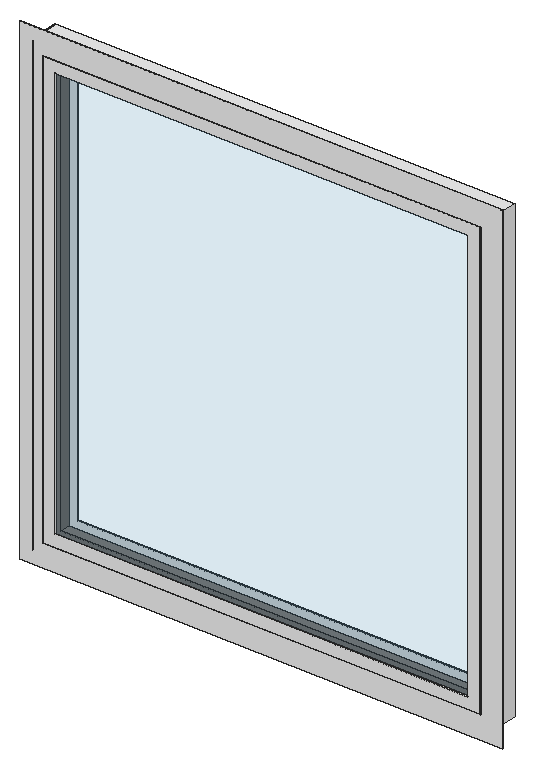
Revit family "Casement_34_H_Top_Hung_Custom", category Windows, host Wall, Revit 2014
Parameters (values of type "Casement_Sash_DG")
  Width Sash [instance] = 30 mm
  Width Sash Inner = 15 mm
  Width Bead = 15 mm
  Top Hung [instance] = yes
  Side Hung Right [instance] = yes
  Side Hung Left [instance] = yes
  Sash Opening Width [instance] = 600 mm
  Sash Opening Height [instance] = 600.312 mm
  Sash Lip = 15 mm
  Glazing Material [instance] = Glass
  DG Start Piece 2 [instance] = DG End Piece 1 + DG Gasket Thickness  # 25 mm
  DG Start Peice 1 [instance] = (Depth Sash - (2 * DG Glazing Thickness) - DG Gasket Thickness) / 2  # 6.6 mm
  Glazing Offset = 5 mm
  DG Glazing Thickness [instance] = 6.4 mm
  DG Gasket Thickness = 12 mm  # constant formula
  DG Gasket Material [instance] = Double Glazing Gasket Material
  DG End Piece 2 [instance] = DG Start Piece 2 + DG Glazing Thickness  # 31.4 mm
  DG End Piece 1 [instance] = DG Start Peice 1 + DG Glazing Thickness  # 13 mm
  Depth Sash [instance] = 38 mm
  Center Vertical Sash [instance] = Sash Opening Height / 2  # 300.156 mm
  Center Horizontal Sash [instance] = Sash Opening Width / 2  # 300 mm
  Bottom Hung [instance] = yes
  Bead Offset = 15 mm
  Aluminium Thickness = 1 mm
  Aluminium Material [instance] = White Powder Coated Aluminium
Reference planes
  plane 1 "Center (Front/Back)": y = 0
  plane 2: z = 0
  plane 3 "Center (Left/Right)": x = 0
Forms (mm)
  Sweep 1, solid, material "White Powder Coated Aluminium" <- "Aluminium Material"
    path origin (16.177, 0, 121.331) x (1, 0, 0) y (0, 0, 1)
      loop
        line (0, 0) -> (600, 0) -> (600, 600.312) -> (0, 600.312) -> (0, 0)
    profile origin (316.177, 0, 121.331) x (0, 0, 1) y (0, -1, 0)
      loop
        line (0, 0) -> (30, 0) -> (30, 1) -> (15, 1) -> (15, 38) -> (-15, 38) -> (-15, 37) -> (0, 37) -> (0, 0)
      loop
        line (14, 1) -> (14, 37) -> (1, 37) -> (1, 1) -> (14, 1)
  Sweep 2, solid, material "White Powder Coated Aluminium" <- "Aluminium Material"
    path origin (0, 0, 0) x (1, 0, 0) y (0, 0, 1)
      loop
        line (31.177, 706.643) -> (31.177, 136.331) -> (601.177, 136.331) -> (601.177, 706.643) -> (31.177, 706.643)
    profile origin (316.177, 0, 706.643) x (0, 0, 1) y (0, -1, 0)
      loop
        line (0, 37) -> (0, 38) -> (-15, 38) -> (-15, 37) -> (0, 37)
  Extrusion 3, solid, material "Glass" <- "Glazing Material"
    sketch origin (0, 0, 0) x (1, 0, 0) y (0, 0, 1)
      loop
        line (36.177, 701.643) -> (36.177, 141.331) -> (596.177, 141.331) -> (596.177, 701.643) -> (36.177, 701.643)
    from 6.6 <- "DG Start Peice 1" to 13 <- "DG End Piece 1"
  Extrusion 4, solid, material "Glass" <- "Glazing Material"
    sketch origin (0, 0, 0) x (1, 0, 0) y (0, 0, 1)
      loop
        line (36.177, 701.643) -> (36.177, 141.331) -> (596.177, 141.331) -> (596.177, 701.643) -> (36.177, 701.643)
    from 31.4 <- "DG End Piece 2" to 25 <- "DG Start Piece 2"
  Sweep 5, solid, material "Double Glazing Gasket Material" <- "DG Gasket Material"
    path origin (0, -13, 0) x (1, 0, 0) y (0, 0, 1)
      loop
        line (36.177, 701.643) -> (36.177, 141.331) -> (596.177, 141.331) -> (596.177, 701.643) -> (36.177, 701.643)
    profile origin (316.177, -13, 701.643) x (0, 0, 1) y (0, -1, 0)
      loop
        line (0, 0) -> (0, 12) -> (-7.96, 12) -> (-7.96, 0) -> (0, 0)
Lines and regions (mm)
  model lines
    curve 1: line (1.177, -38, 736.643) -> (31.177, -38, 706.643)
    curve 2: line (601.177, -38, 706.643) -> (631.177, -38, 736.643)
    curve 3: line (601.177, -38, 136.331) -> (631.177, -38, 106.331)
    curve 4: line (1.177, -38, 106.331) -> (31.177, -38, 136.331)
    curve 5: line (631.177, -37, 736.643) -> (616.177, -37, 721.643)
    curve 6: line (1.177, -37, 736.643) -> (16.177, -37, 721.643)
    curve 7: line (1.177, -37, 106.331) -> (16.177, -37, 121.331)
    curve 8: line (631.177, -37, 106.331) -> (616.177, -37, 121.331)
    curve 9: line (616.177, 0, 121.331) -> (586.177, 0, 151.331)
    curve 10: line (46.177, 0, 151.331) -> (16.177, 0, 121.331)
    curve 11: line (616.177, 0, 721.643) -> (586.177, 0, 691.643)
    curve 12: line (46.177, 0, 691.643) -> (16.177, 0, 721.643)
    curve 13: line (31.177, -38, 691.643) -> (46.177, -38, 691.643)
    curve 14: line (586.177, -38, 691.643) -> (601.177, -38, 691.643)
    curve 15: line (586.177, -38, 151.331) -> (601.177, -38, 151.331)
    curve 16: line (31.177, -38, 151.331) -> (46.177, -38, 151.331)
  model lines, style "GenericModelHiddenLines", visible <- "Top Hung"
    curve 17: line (46.386, -31.4, 690.914) -> (316.177, -31.4, 151.331)
    curve 18: line (316.177, -31.4, 151.331) -> (586.177, -31.4, 691.331)
  model lines, style "GenericModelHiddenLines", visible <- "Bottom Hung"
    curve 19: line (46.177, -31.4, 151.331) -> (316.177, -31.4, 691.331)
    curve 20: line (316.177, -31.4, 691.331) -> (586.177, -31.4, 151.331)
  model lines, style "GenericModelHiddenLines", visible <- "Side Hung Left"
    curve 21: line (46.386, -31.4, 690.914) -> (585.24, -31.4, 421.487)
    curve 22: line (585.24, -31.4, 421.487) -> (46.177, -31.4, 151.331)
  model lines, style "GenericModelHiddenLines", visible <- "Side Hung Right"
    curve 23: line (586.177, -31.4, 691.331) -> (46.177, -31.4, 421.487)
    curve 24: line (46.177, -31.4, 421.487) -> (586.177, -31.4, 151.331)
Dimensions and locks
  "Aluminium Thickness": Sweep 1 sketch curve to Sweep 1 sketch curve  (x4)
  "Depth Sash": Sweep 1 sketch curve to Sweep 1 sketch curve
  "Sash Opening Width": Sweep 1 to Sweep 1
  "Sash Opening Height": Sweep 1 to Sweep 1
  "Width Sash": Sweep 1 sketch curve to Sweep 1 sketch curve  (x2)
  "Width Sash Inner": Sweep 1 sketch curve to Sweep 1 sketch curve
  "Sash Lip": Sweep 1 sketch curve to Sweep 1 sketch curve
  "Aluminium Thickness": Sweep 1 to Sweep 2 sketch curve
  "Glazing Offset": Sweep 2 to Extrusion 3 sketch curve  (x3)
  "Glazing Offset": Extrusion 3 sketch curve to Sweep 2
  Sweep 1 to Sweep 1 = 1 mm
  "Aluminium Thickness": Sweep 2 sketch curve to Sweep 2 sketch curve
  "Width Bead": Sweep 2 sketch curve to Sweep 2 sketch curve
  locked: Sweep 5 sketch curve to Sweep 5 sketch curve at 7.96
  "Center Horizontal Sash": Sweep 1 to curve 18
  "Center Horizontal Sash": Sweep 1 to curve 20
  "Center Vertical Sash": Sweep 1 to curve 22
  "Center Vertical Sash": Sweep 1 to curve 24
  aligned and locked: level to plane 2
  aligned and locked: Sweep 1 sketch curve to Sweep 1 sketch curve  (x2)
  aligned and locked: Sweep 2 sketch curve to Sweep 1  (x5)
  aligned and locked: Extrusion 4 sketch curve to Extrusion 3  (x4)
  aligned and locked: Sweep 5 sketch curve to Extrusion 3  (x5)
  aligned and locked: Extrusion 3 to Sweep 5 sketch curve
Automatic sketch dimensions
  plane 3 "Center (Left/Right)" to Sweep 1 sketch curve = 16.177 mm
  level to Sweep 1 sketch curve = 121.331 mm
  plane 3 "Center (Left/Right)" to Sweep 1 sketch curve = 616.177 mm
  level to Sweep 1 sketch curve = 721.643 mm
  profile plane to Sweep 5 sketch curve = 12 mm
  curve 7 to Sweep 1 = 0 mm  (x4)
  curve 6 to Sweep 1 = 0 mm  (x3)
  Sweep 1 to curve 6 = 0 mm
  curve 5 to Sweep 1 = 0 mm  (x3)
  curve 8 to Sweep 1 = 0 mm  (x4)
  Sweep 1 to curve 5 = 0 mm
  curve 16 to Sweep 2 = 0 mm  (x3)
  curve 13 to Sweep 2 = 0 mm  (x3)
  curve 15 to Sweep 2 = 0 mm
  Sweep 2 to curve 15 = 0 mm  (x2)
  curve 14 to Sweep 2 = 0 mm  (x2)
  Sweep 2 to curve 14 = 0 mm
  curve 1 to Sweep 1 = 0 mm  (x4)
  curve 4 to Sweep 1 = 0 mm  (x3)
  Sweep 1 to curve 4 = 0 mm
  curve 3 to Sweep 1 = 0 mm  (x3)
  curve 2 to Sweep 1 = 0 mm  (x4)
  Sweep 1 to curve 3 = 0 mm
  curve 10 to Sweep 1 = 0 mm  (x4)
  curve 12 to Sweep 1 = 0 mm  (x3)
  Sweep 1 to curve 12 = 0 mm
  curve 9 to Sweep 1 = 0 mm  (x4)
  curve 11 to Sweep 1 = 0 mm  (x3)
  Sweep 1 to curve 11 = 0 mm
  Sweep 1 sketch curve to plane 1 "Center (Front/Back)" = 0 mm
  profile plane to Sweep 1 sketch curve = 0 mm
  curve 21 to Extrusion 4 = 10.208 mm
  curve 19 to Extrusion 4 = 10 mm
  curve 23 to Extrusion 4 = 10 mm  (x2)
  curve 22 to Extrusion 4 = 10.937 mm
  curve 20 to Extrusion 4 = 10 mm
  curve 24 to Extrusion 4 = 10 mm
  curve 22 to Extrusion 4 = 10 mm
  curve 18 to Extrusion 4 = 10 mm
  curve 21 to Extrusion 4 = 10.729 mm
  curve 19 to Extrusion 4 = 10.312 mm
  curve 18 to Extrusion 4 = 10.312 mm
